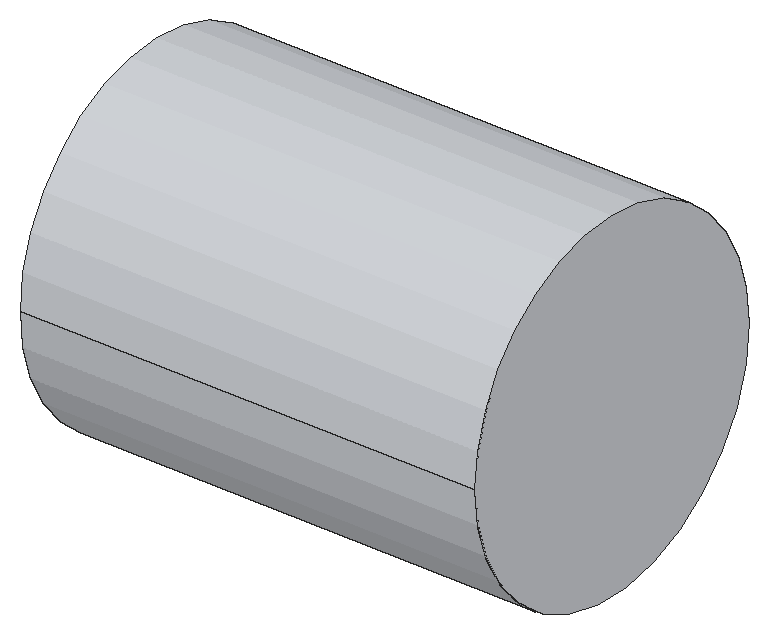
Revit family "e87b6a6c138f4bf38e888a39dfa23f67", category Conduit Fittings, Revit 2021
Family settings
  Round Connector Dimension = Use Radius
  Part Type = Union
  OmniClass Number = 23.80.30.17.11
  OmniClass Title = Conduits
  Seek Item ID = Conduit Coupling - PVC-0000-USA-ENU
  Work Plane-Based = No
  Always vertical = Yes
  Cut with Voids When Loaded = No
  Shared = No
Parameters (values of type "Standard")
  Nominal Radius [instance] = 1/4"
  Nominal Diameter [instance] = Nominal Radius * 2  # 1/2"
  Length [instance] = size_lookup(Conduit Size Lookup, "Lgt", 0.57 * Nominal Diameter + 1 27/64", Nominal Diameter)  # 1.437"
  Fitting Outside Radius [instance] = Fitting Outside Diameter / 2  # 0.54"
  Fitting Outside Diameter [instance] = size_lookup(Conduit Size Lookup, "FOD", 1.14 * Nominal Diameter + 1/2", Nominal Diameter)  # 1.08"
  Default Elevation = 0' - 0"
  Conduit Size Lookup = "Conduit Coupling - PVC"
Reference planes (in)
  plane 1 "Center (Front/Back)": y = 0
  plane 2: z = 0
  plane 3 "Center (Left/Right)": x = 0
  plane 4: x = 1.437
Forms (in)
  Extrusion 1, solid, detail levels fine
    sketch origin (0, 0, 0) x (0, 1, 0) y (0, 0, 1)
      loop
        circle (0, 0) r 0.54
    from 0 to 1.437
Lines and regions (in)
  model lines, detail levels coarse+medium
    curve 1: line (0, 0, 0) -> (1.437, 0, 0)
Dimensions and locks (in)
  "Length": plane 3 "Center (Left/Right)" to plane 4
  "Fitting Outside Radius": radius of Extrusion 1 sketch curve
  aligned and locked: plane 3 "Center (Left/Right)" to curve 1
  aligned and locked: plane 4 to curve 1
  aligned and locked: plane 1 "Center (Front/Back)" to curve 1
  aligned and locked: plane 1 "Center (Front/Back)" to Extrusion 1 sketch curve
  aligned and locked: plane 2 to Extrusion 1 sketch curve
  aligned and locked: Extrusion 1 to plane 3 "Center (Left/Right)"
  aligned and locked: plane 4 to Extrusion 1
Connectors (in)
  cabletrayconduit at (0, 0, 0), diameter 0.5, driven by "Nominal Radius"
    settings: on Extrusion 1, index 1, connector width 1' - 0", connector height 1' - 0", connector angle 0.00°, system type 32, placement type 0, profile type 0, connector reference index 2, is primary connector yes, connector utility param no, connector description ""
  cabletrayconduit at (1.437, 0, 0), diameter 0.5, driven by "Nominal Radius"
    settings: on Extrusion 1, index 2, connector width 1' - 0", connector height 1' - 0", connector angle 0.00°, system type 32, placement type 0, profile type 0, connector reference index 1, is primary connector no, connector utility param no, connector description ""
